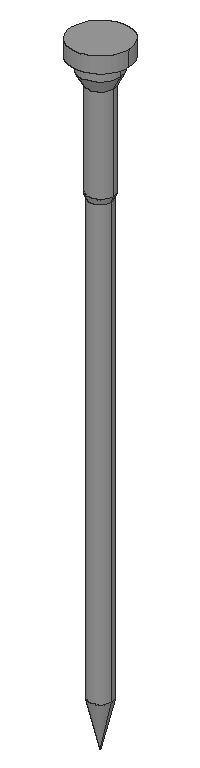
Revit family "ROTHOB_Rothoblaas_Screw_HBSPlateA4", category Structural Connections, host Face, Revit 2022
Family settings
  Host = Face
  Material for Model Behavior = Steel
  OmniClass Number = 23.20.40.11.14.24
  OmniClass Title = Screws
  Enable cutting in views = Yes
  Cut with Voids When Loaded = No
  Shared = No
Parameters (values of type "HBSPL12200A4_12x200mm")
  WasherThickness_tk = if(ModelNumberCode < 1000, 4.0000 mm, if(ModelNumberCode < 1100, 4.5000 mm, if(ModelNumberCode < 10000, 4.0000 mm, if(ModelNumberCode > 11900, 5.0000 mm, 4.5000 mm))))  # 5.0000 mm
  WarrantyStartDate [instance] = ""
  WarrantyGuarantorParts = "n/a"
  WarrantyGuarantorLabor = "n/a"
  WarrantyDurationUnit = "n/a"
  WarrantyDurationParts = "n/a"
  WarrantyDurationLabor = "n/a"
  WarrantyDescription = "n/a"
  Version = "001"  # constant formula
  UniClass2015Version = "Products v1.38"  # constant formula
  UniClass2015Title = "Self-tapping screws"  # constant formula
  UniClass2015Code = "Pr_20_29_76_75"  # constant formula
  UnderheadLength = if(ModelNumberCode < 1000, 3.0000 mm, if(ModelNumberCode < 1100, 3.4722 mm, if(ModelNumberCode < 10000, 3.0000 mm, if(ModelNumberCode > 11900, 3.9834 mm, 3.4722 mm))))  # 3.9834 mm
  UnderheadDiameter = if(ModelNumberCode < 1000, 10.0000 mm, if(ModelNumberCode < 1100, 12.0000 mm, if(ModelNumberCode < 10000, 10.0000 mm, if(ModelNumberCode > 11900, 13.0000 mm, 12.0000 mm))))  # 13.0000 mm
  Tipo IFC predefinito = "USERDEFINED"
  TipLength = if(ModelNumberCode < 1000, 11.8318 mm, if(ModelNumberCode < 1100, 13.2356 mm, if(ModelNumberCode < 10000, 11.8318 mm, if(ModelNumberCode > 11900, 14.6393 mm, 13.2356 mm))))  # 14.6393 mm
  ThreadRadius = ThreadDiameter_d2 / 2  # 3.6500 mm
  ThreadLength_b = if(ModelNumberCode = 860, 52.0000 mm, if(ModelNumberCode = 880, 55.0000 mm, if(ModelNumberCode = 8100, 75.0000 mm, if(ModelNumberCode = 8120, 95.0000 mm, if(ModelNumberCode = 8140, 110.0000 mm, if(ModelNumberCode = 8160, 130.0000 mm, if(ModelNumberCode = 1080, 60.0000 mm, if(ModelNumberCode = 10100, 75.0000 mm, if(ModelNumberCode = 10120, 95.0000 mm, if(ModelNumberCode = 10140, 110.0000 mm, if(ModelNumberCode = 10160, 130.0000 mm, if(ModelNumberCode = 10180, 150.0000 mm, if(ModelNumberCode = 12100, 75.0000 mm, if(ModelNumberCode = 12120, 90.0000 mm, if(ModelNumberCode = 12140, 110.0000 mm, if(ModelNumberCode = 12160, 120.0000 mm, if(ModelNumberCode = 12180, 140.0000 mm, if(ModelNumberCode = 12200, 160.0000 mm, 150.0000 mm))))))))))))))))))  # 160.0000 mm
  ThreadDiameter_d2 = if(ModelNumberCode < 1000, 5.9000 mm, if(ModelNumberCode < 1100, 6.6000 mm, if(ModelNumberCode < 10000, 5.9000 mm, if(ModelNumberCode > 11900, 7.3000 mm, 6.6000 mm))))  # 7.3000 mm
  SustainabilityPerformance = "n/a"  # constant formula
  Size = "12x200 mm"
  Shape = "Cylindrical"  # constant formula
  ShankLength = if(ModelNumberCode < 870, 1.4183 mm, if(ModelNumberCode < 900, 18.4183 mm, if(ModelNumberCode < 1090, 12.5547 mm, if(ModelNumberCode < 8130, 18.4183 mm, if(ModelNumberCode < 8130, 18.4183 mm, if(ModelNumberCode < 8170, 23.4183 mm, if(ModelNumberCode < 10130, 17.5547 mm, if(ModelNumberCode < 10190, 22.5547 mm, if(ModelNumberCode < 12110, 16.1256 mm, if(ModelNumberCode < 12150, 21.1194 mm, 31.1194 mm))))))))))  # 31.1194 mm
  ShankDiameter_ds = if(ModelNumberCode < 1000, 6.3000 mm, if(ModelNumberCode < 1100, 7.2000 mm, if(ModelNumberCode < 10000, 6.3000 mm, if(ModelNumberCode > 11900, 8.5500 mm, 7.2000 mm))))  # 8.5500 mm
  Revision = "000"  # constant formula
  ReplacementCost = "n/a"
  HeadType = "Reinforced pan head"  # constant formula
  H2 = if(ModelNumberCode < 1000, 1.1571 mm, if(ModelNumberCode < 1100, 0.8350 mm, if(ModelNumberCode < 10000, 1.1571 mm, if(ModelNumberCode > 11900, 1.7279 mm, 0.8350 mm))))  # 1.7279 mm
  H1 = if(ModelNumberCode < 1000, 3.0032 mm, if(ModelNumberCode < 1100, 3.5556 mm, if(ModelNumberCode < 10000, 3.0032 mm, if(ModelNumberCode > 11900, 4.0332 mm, 3.5556 mm))))  # 4.0332 mm
  GTIN = "8059386077009"
  Default Elevation = 1219.2000 mm
  ProductInformation = "www.rothoblaas.com/products/fastening/screws/hbs-plate-a4"
  OmniClassVersion = "2012-05-16"  # constant formula
  OmniClassTitle = "Screws"  # constant formula
  OmniClassCode = "23.20.40.11.14.24"  # constant formula
  ObjectMaterial = ROTHOB_Rothoblaas_StainlessSteelAISI316
  NominalWidth = "n/a"  # constant formula
  NominalLength = InsertionLength_L  # 200.0000 mm
  NominalHeight = "n/a"  # constant formula
  NominalDiameter = NominalDiameter_d1  # 12.0000 mm
  NominalDiameter_d1 = if(ModelNumberCode < 1000, 8.0000 mm, if(ModelNumberCode < 1100, 10.0000 mm, if(ModelNumberCode < 10000, 8.0000 mm, if(ModelNumberCode > 11900, 12.0000 mm, 10.0000 mm))))  # 12.0000 mm
  Name = "Screw"  # constant formula
  ModelReference = "n/a"  # constant formula
  ModelNumberCode = 12200
  ModelNumber = "HBSPL12200A4"
  ModelDisclaimer = "The latest version of the data sheets can be found on our website"  # constant formula
  MinWeight = "n/a"  # constant formula
  Material = "A4 | AISI316 austenitic stainless steel (CRC III)"  # constant formula
  ManufacturerURL = "www.rothoblaas.com"
  ManufacturerName = "ROTHO BLAAS SRL"  # constant formula
  Manufacturer = "info@rothoblaas.com"
  Manufacturer = "info@rothoblaas.com"
  InstallationDate [instance] = ""
  InsertionLength_L = if(ModelNumberCode = 860, 60.0000 mm, if(ModelNumberCode = 880, 80.0000 mm, if(ModelNumberCode = 8100, 100.0000 mm, if(ModelNumberCode = 8120, 120.0000 mm, if(ModelNumberCode = 8140, 140.0000 mm, if(ModelNumberCode = 8160, 160.0000 mm, if(ModelNumberCode = 1080, 80.0000 mm, if(ModelNumberCode = 10100, 100.0000 mm, if(ModelNumberCode = 10120, 120.0000 mm, if(ModelNumberCode = 10140, 140.0000 mm, if(ModelNumberCode = 10160, 160.0000 mm, if(ModelNumberCode = 10180, 180.0000 mm, if(ModelNumberCode = 12100, 100.0000 mm, if(ModelNumberCode = 12120, 120.0000 mm, if(ModelNumberCode = 12140, 140.0000 mm, if(ModelNumberCode = 12160, 160.0000 mm, if(ModelNumberCode = 12180, 180.0000 mm, if(ModelNumberCode = 12200, 200.0000 mm, 250.0000 mm))))))))))))))))))  # 200.0000 mm
  IfcExportType = "USERDEFINED"
  IfcExportAs = "IfcMechanicalFastenerType"
  ICC-ESTitle = "Rotho blaas self-tapping wood screws"  # constant formula
  ICC-ESCode = "ESR-4645"  # constant formula
  HeadThickness_t1 = if(ModelNumberCode < 1000, 6.6000 mm, if(ModelNumberCode < 1100, 7.6000 mm, if(ModelNumberCode < 10000, 6.6000 mm, if(ModelNumberCode > 11900, 8.5000 mm, 7.6000 mm))))  # 8.5000 mm
  HeadDiameter_dk = if(ModelNumberCode < 1000, 13.5000 mm, if(ModelNumberCode < 1100, 16.5000 mm, if(ModelNumberCode < 10000, 13.5000 mm, if(ModelNumberCode > 11900, 18.5000 mm, 16.5000 mm))))  # 18.5000 mm
  Grade = "n/a"  # constant formula
  Finish = "Stainless steel"  # constant formula
  Features = "Self-tapping screws for steel-timber connections"  # constant formula
  ExpectedLife = "50"  # constant formula
  Esporta tipo in formato IFC con nome = "IfcMechanicalFastenerType"
  DurationUnit = "Years"  # constant formula
  Description = "Pan head screws for plates"  # constant formula
  Description = "Pan head screws for plates"  # constant formula
  Constituents = "n/a"  # constant formula
  Color = "Silver"  # constant formula
  CodePerformance = "CE - Construction products"  # constant formula
  Category = "Pr_20_29_76_75: Self-tapping screws"  # constant formula
  CETitle = "Rotho Blaas Self-tapping screws and threaded rods"  # constant formula
  CECode = "ETA-11/0030"  # constant formula
  BitType = if(NominalDiameter_d1 = 8.0000 mm, 40, if(NominalDiameter_d1 = 10.0000 mm, 40, if(NominalDiameter_d1 = 12.0000 mm, 50, 0)))  # 50
  BIMObjectName = "ROTHOB_Rothoblaas_Screw_HBSPlateA4"  # constant formula
  Author = "Augusto Meorali"  # constant formula
  AssetType = "Fixed"  # constant formula
  AccessibilityPerformance = "n/a"  # constant formula
Types (19, lengths in mm): name | WasherThickness_tk | UnderheadLength | UnderheadDiameter | TipLength | ThreadRadius | ThreadLength_b | ThreadDiameter_d2 | Size | ShankLength | ShankDiameter_ds | H2 | H1 | GTIN | NominalLength | NominalDiameter | NominalDiameter_d1 | ModelNumberCode | ModelNumber | InsertionLength_L | HeadThickness_t1 | HeadDiameter_dk | BitType
  (no name) | 5.0000 | 3.9834 | 13.0000 | 14.6393 | 3.6500 | 160.0000 | 7.3000 | "12x200 mm" | 31.1194 | 8.5500 | 1.7279 | 4.0332 | "8059386077009" | 200.0000 | 12.0000 | 12.0000 | 12200 | "HBSPL12200A4" | 200.0000 | 8.5000 | 18.5000 | 50
  HBSPL860A4_8x60mm | 4.0000 | 3.0000 | 10.0000 | 11.8318 | 2.9500 | 52.0000 | 5.9000 | "8x60 mm" | 1.4183 | 6.3000 | 1.1571 | 3.0032 | "8059386077207" | 60.0000 | 8.0000 | 8.0000 | 860 | "HBSPL860A4" | 60.0000 | 6.6000 | 13.5000 | 40
  HBSPL880A4_8x80mm | 4.0000 | 3.0000 | 10.0000 | 11.8318 | 2.9500 | 55.0000 | 5.9000 | "8x80 mm" | 18.4183 | 6.3000 | 1.1571 | 3.0032 | "8059386077252" | 80.0000 | 8.0000 | 8.0000 | 880 | "HBSPL880A4" | 80.0000 | 6.6000 | 13.5000 | 40
  HBSPL8100A4_8x100mm | 4.0000 | 3.0000 | 10.0000 | 11.8318 | 2.9500 | 75.0000 | 5.9000 | "8x100 mm" | 18.4183 | 6.3000 | 1.1571 | 3.0032 | "8059386077238" | 100.0000 | 8.0000 | 8.0000 | 8100 | "HBSPL8100A4" | 100.0000 | 6.6000 | 13.5000 | 40
  HBSPL8120A4_8x120mm | 4.0000 | 3.0000 | 10.0000 | 11.8318 | 2.9500 | 95.0000 | 5.9000 | "8x120 mm" | 18.4183 | 6.3000 | 1.1571 | 3.0032 | "8059386077245" | 120.0000 | 8.0000 | 8.0000 | 8120 | "HBSPL8120A4" | 120.0000 | 6.6000 | 13.5000 | 40
  HBSPL8140A4_8x140mm | 4.0000 | 3.0000 | 10.0000 | 11.8318 | 2.9500 | 110.0000 | 5.9000 | "8x140 mm" | 23.4183 | 6.3000 | 1.1571 | 3.0032 | "8059386077269" | 140.0000 | 8.0000 | 8.0000 | 8140 | "HBSPL8140A4" | 140.0000 | 6.6000 | 13.5000 | 40
  HBSPL8160A4_8x160mm | 4.0000 | 3.0000 | 10.0000 | 11.8318 | 2.9500 | 130.0000 | 5.9000 | "8x160 mm" | 23.4183 | 6.3000 | 1.1571 | 3.0032 | "8059386077160" | 160.0000 | 8.0000 | 8.0000 | 8160 | "HBSPL8160A4" | 160.0000 | 6.6000 | 13.5000 | 40
  HBSPL1080A4_10x80mm | 4.5000 | 3.4722 | 12.0000 | 13.2356 | 3.3000 | 60.0000 | 6.6000 | "10x80 mm" | 12.5547 | 7.2000 | 0.8350 | 3.5556 | "8059386077214" | 80.0000 | 10.0000 | 10.0000 | 1080 | "HBSPL1080A4" | 80.0000 | 7.6000 | 16.5000 | 40
  HBSPL10100A4_10x100mm | 4.5000 | 3.4722 | 12.0000 | 13.2356 | 3.3000 | 75.0000 | 6.6000 | "10x100 mm" | 17.5547 | 7.2000 | 0.8350 | 3.5556 | "8059386077054" | 100.0000 | 10.0000 | 10.0000 | 10100 | "HBSPL10100A4" | 100.0000 | 7.6000 | 16.5000 | 40
  HBSPL10120A4_10x120mm | 4.5000 | 3.4722 | 12.0000 | 13.2356 | 3.3000 | 95.0000 | 6.6000 | "10x120 mm" | 17.5547 | 7.2000 | 0.8350 | 3.5556 | "8059386076842" | 120.0000 | 10.0000 | 10.0000 | 10120 | "HBSPL10120A4" | 120.0000 | 7.6000 | 16.5000 | 40
  HBSPL10140A4_10x140mm | 4.5000 | 3.4722 | 12.0000 | 13.2356 | 3.3000 | 110.0000 | 6.6000 | "10x140 mm" | 22.5547 | 7.2000 | 0.8350 | 3.5556 | "8059386076897" | 140.0000 | 10.0000 | 10.0000 | 10140 | "HBSPL10140A4" | 140.0000 | 7.6000 | 16.5000 | 40
  HBSPL10160A4_10x160mm | 4.5000 | 3.4722 | 12.0000 | 13.2356 | 3.3000 | 130.0000 | 6.6000 | "10x160 mm" | 22.5547 | 7.2000 | 0.8350 | 3.5556 | "8059386077221" | 160.0000 | 10.0000 | 10.0000 | 10160 | "HBSPL10160A4" | 160.0000 | 7.6000 | 16.5000 | 40
  HBSPL10180A4_10x180mm | 4.5000 | 3.4722 | 12.0000 | 13.2356 | 3.3000 | 150.0000 | 6.6000 | "10x180 mm" | 22.5547 | 7.2000 | 0.8350 | 3.5556 | "8059386076927" | 180.0000 | 10.0000 | 10.0000 | 10180 | "HBSPL10180A4" | 180.0000 | 7.6000 | 16.5000 | 40
  HBSPL12100A4_12x100mm | 5.0000 | 3.9834 | 13.0000 | 14.6393 | 3.6500 | 75.0000 | 7.3000 | "12x100 mm" | 16.1256 | 8.5500 | 1.7279 | 4.0332 | "8059386077023" | 100.0000 | 12.0000 | 12.0000 | 12100 | "HBSPL12100A4" | 100.0000 | 8.5000 | 18.5000 | 50
  HBSPL12120A4_12x120mm | 5.0000 | 3.9834 | 13.0000 | 14.6393 | 3.6500 | 90.0000 | 7.3000 | "12x120 mm" | 21.1194 | 8.5500 | 1.7279 | 4.0332 | "8059386077030" | 120.0000 | 12.0000 | 12.0000 | 12120 | "HBSPL12120A4" | 120.0000 | 8.5000 | 18.5000 | 50
  HBSPL12140A4_12x140mm | 5.0000 | 3.9834 | 13.0000 | 14.6393 | 3.6500 | 110.0000 | 7.3000 | "12x140 mm" | 21.1194 | 8.5500 | 1.7279 | 4.0332 | "8059386076996" | 140.0000 | 12.0000 | 12.0000 | 12140 | "HBSPL12140A4" | 140.0000 | 8.5000 | 18.5000 | 50
  HBSPL12160A4_12x160mm | 5.0000 | 3.9834 | 13.0000 | 14.6393 | 3.6500 | 120.0000 | 7.3000 | "12x160 mm" | 31.1194 | 8.5500 | 1.7279 | 4.0332 | "8059386077177" | 160.0000 | 12.0000 | 12.0000 | 12160 | "HBSPL12160A4" | 160.0000 | 8.5000 | 18.5000 | 50
  HBSPL12180A4_12x180mm | 5.0000 | 3.9834 | 13.0000 | 14.6393 | 3.6500 | 140.0000 | 7.3000 | "12x180 mm" | 31.1194 | 8.5500 | 1.7279 | 4.0332 | "8059386077047" | 180.0000 | 12.0000 | 12.0000 | 12180 | "HBSPL12180A4" | 180.0000 | 8.5000 | 18.5000 | 50
  HBSPL12200A4_12x200mm | 5.0000 | 3.9834 | 13.0000 | 14.6393 | 3.6500 | 160.0000 | 7.3000 | "12x200 mm" | 31.1194 | 8.5500 | 1.7279 | 4.0332 | "8059386077009" | 200.0000 | 12.0000 | 12.0000 | 12200 | "HBSPL12200A4" | 200.0000 | 8.5000 | 18.5000 | 50
Reference planes
  plane 1 "Centro (Fronte/Retro)": y = 0
  plane 2: z = 0
  plane 3 "Centro (Sinistra/Destra)": x = 0
  plane 4: z = 5
  plane 5: z = -3.983
  plane 6: z = -8.017
  plane 7: z = -39.136
  plane 8: z = -40.864
  plane 9: z = -185.361
  plane 10: z = -200
  plane 11: x = -3.65
  plane 12: x = 3.65
Forms (mm)
  Extrusion 1, solid, material "ROTHOB_Rothoblaas_StainlessSteelAISI316" <- "ObjectMaterial"
    sketch origin (0, 0, 0) x (1, 0, 0) y (0, 1, 0)
      loop
        circle (0, 0) r 9.25
    from 0 to 5
  Extrusion 2, solid, material "ROTHOB_Rothoblaas_StainlessSteelAISI316" <- "ObjectMaterial"
    sketch origin (0, 0, 0) x (1, 0, 0) y (0, 1, 0)
      loop
        circle (0, 0) r 6.5
    from -3.983 to 0
  Extrusion 3, solid, material "ROTHOB_Rothoblaas_StainlessSteelAISI316" <- "ObjectMaterial"
    sketch origin (0, 0, 0) x (1, 0, 0) y (0, 1, 0)
      loop
        circle (0, 0) r 4.275
    from -39.136 to -8.017
  Blend 4, solid, material "ROTHOB_Rothoblaas_StainlessSteelAISI316" <- "ObjectMaterial"
    base sketch origin (0, 0, 0) x (1, 0, 0) y (0, 1, 0)
      loop
        circle (0, 0) r 4.275
    top sketch origin (0, 0, 0) x (1, 0, 0) y (0, 1, 0)
      loop
        circle (0, 0) r 6.5
    from -8.017 to -3.983
  Blend 5, solid, material "ROTHOB_Rothoblaas_StainlessSteelAISI316" <- "ObjectMaterial"
    base sketch origin (0, 0, 0) x (1, 0, 0) y (0, 1, 0)
      loop
        circle (0, 0) r 3.65
    top sketch origin (0, 0, 0) x (1, 0, 0) y (0, 1, 0)
      loop
        circle (0, 0) r 4.275
    from -40.864 to -39.136
  Revolve 6, solid, material "ROTHOB_Rothoblaas_StainlessSteelAISI316" <- "ObjectMaterial"
    sketch origin (0, 0, 0) x (1, 0, 0) y (0, 0, 1)
      loop
        line (-3.65, -40.864) -> (-3.65, -185.361) -> (0, -200) -> (0, -40.864) -> (-3.65, -40.864)
      axis (0, -40.864) -> (0, -200)
    angle from 0 to 360
Cuts and joins
  joined: Extrusion 1, Extrusion 2, Extrusion 3, Blend 4, Blend 5, Revolve 6
Dimensions and locks
  equal spacing: host sketch curve, plane 3 "Centro (Sinistra/Destra)", host sketch curve
  host sketch curve to host sketch curve = 50.0000 mm  (x2)
  equal spacing: host sketch curve, plane 1 "Centro (Fronte/Retro)", host sketch curve
  "WasherThickness_tk": plane 4 to level
  "UnderheadLength": level to plane 5
  "H1": plane 5 to plane 6
  "ShankLength": plane 6 to plane 7
  "H2": plane 7 to plane 8
  "InsertionLength_L": level to plane 10
  "TipLength": plane 9 to plane 10
  equal spacing: plane 12, plane 3 "Centro (Sinistra/Destra)", plane 11
  "ThreadDiameter_d2": plane 12 to plane 11
  "HeadDiameter_dk": diameter of Extrusion 1 sketch curve
  "UnderheadDiameter": diameter of Extrusion 2 sketch curve
  "ShankDiameter_ds": diameter of Extrusion 3 sketch curve
  "ShankDiameter_ds": diameter of Blend 4 sketch curve
  "UnderheadDiameter": diameter of Blend 4 sketch curve
  "ThreadDiameter_d2": diameter of Blend 5 sketch curve
  "ShankDiameter_ds": diameter of Blend 5 sketch curve
  aligned and locked: plane 2 to host face
  aligned and locked: level to host face
  aligned and locked: plane 3 "Centro (Sinistra/Destra)" to Extrusion 1 sketch curve
  aligned and locked: plane 1 "Centro (Fronte/Retro)" to Extrusion 1 sketch curve
  aligned and locked: Extrusion 1 to level
  aligned and locked: plane 4 to Extrusion 1
  aligned and locked: plane 3 "Centro (Sinistra/Destra)" to Extrusion 2 sketch curve
  aligned and locked: plane 1 "Centro (Fronte/Retro)" to Extrusion 2 sketch curve
  aligned and locked: Extrusion 2 to plane 5
  aligned and locked: level to Extrusion 2
  aligned and locked: plane 3 "Centro (Sinistra/Destra)" to Extrusion 3 sketch curve
  aligned and locked: plane 1 "Centro (Fronte/Retro)" to Extrusion 3 sketch curve
  aligned and locked: plane 6 to Extrusion 3
  aligned and locked: Extrusion 3 to plane 7
  aligned and locked: plane 3 "Centro (Sinistra/Destra)" to Blend 4 sketch curve  (x2)
  aligned and locked: plane 1 "Centro (Fronte/Retro)" to Blend 4 sketch curve  (x2)
  aligned and locked: plane 5 to Blend 4
  aligned and locked: Blend 4 to plane 6
  aligned and locked: plane 3 "Centro (Sinistra/Destra)" to Blend 5 sketch curve  (x2)
  aligned and locked: plane 1 "Centro (Fronte/Retro)" to Blend 5 sketch curve  (x2)
  aligned and locked: plane 7 to Blend 5
  aligned and locked: Blend 5 to plane 8
  aligned and locked: plane 10 to Revolve 6 sketch curve
  aligned and locked: plane 9 to Revolve 6 sketch curve
  aligned and locked: Revolve 6 sketch curve to plane 3 "Centro (Sinistra/Destra)"
  aligned and locked: Revolve 6 sketch curve to plane 11
  aligned and locked: Revolve 6 sketch curve to plane 8
